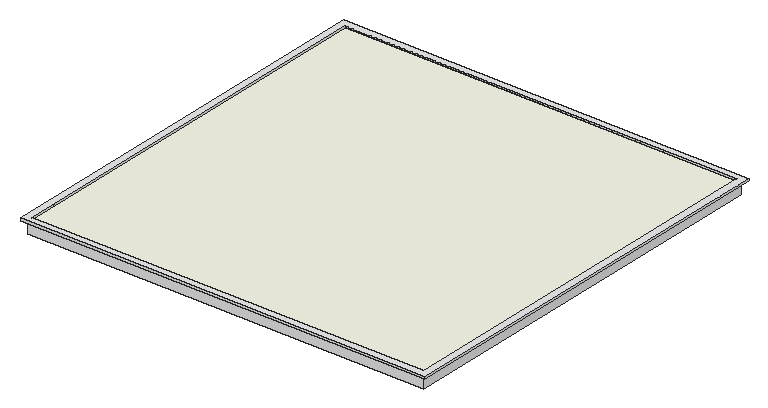
Revit family "Alcon-14001-R-Revit-Family", category Lighting Fixtures, host Face, Revit 2021
Family settings
  Host = Face
  Round Connector Dimension = Use Diameter
  Part Type = Normal
  Cut with Voids When Loaded = Yes
  Light Source = Yes
  Shared = No
  Room Calculation Point = No
Parameters (values of type "2'x2'")
  Width = 2' - 0"
  Wattage = 9.2903 W
  built-in parameter 1150110 = 1 (stored number, unit not read)
  URL = "https://www.alconlighting.com/"
  built-in parameter 1114217 = 1 (stored number, unit not read)
  built-in parameter 1150109 = 1 (stored number, unit not read)
  built-in parameter 1150134 = 3
  built-in parameter 1150113 = 1 (stored number, unit not read)
  Product identity = "Alcon lighting 14001-R"
  Manufacturer = "Alcon Light"
  built-in parameter 1150105 = 439.27 (stored number, unit not read)
  Lumens = 1380 lm
  built-in parameter 1150115 = 1 (stored number, unit not read)
  Link To Product Page = "https://www.alconlighting.com/14001-r.html"
  Light Source Symbol Size = 2' - 0"
  built-in parameter 1150137 = (empty or 0)
  built-in parameter 1150139 = (empty or 0)
  Lens = Lens
  Length = 2' - 0"
  built-in parameter 1150112 = 1 (stored number, unit not read)
  built-in parameter 1150114 = 1 (stored number, unit not read)
  built-in parameter 1150132 = (empty or 0)
  built-in parameter 1150102 = (empty or 0)
  built-in parameter 1150107 = 3200 (stored number, unit not read)
  built-in parameter 1150138 = (empty or 0)
  built-in parameter 1150106 = 4.3927 (stored number, unit not read)
  Housing = Housing
  Emit from Rectangle Width = 2' - 0"
  Emit from Rectangle Length = 2' - 0"
  Emit Shape Visible in Rendering = no
  built-in parameter 1150104 = 13.8 (stored number, unit not read)
  Dimming Lamp Color Temperature Shift = <None>
  Default Elevation = 4' - 0"
  Color Filter = 16777215
  built-in parameter 1114218 = 1 (stored number, unit not read)
  built-in parameter 1150133 = 10 (stored number, unit not read)
Types (4): name | Width | Lens | Length | Housing | Emit from Rectangle Width | Emit from Rectangle Length
  (no name) | 2' - 0" | Lens | 2' - 0" | Housing | 2' - 0" | 2' - 0"
  2'x2' | 2' - 0" | Lens | 2' - 0" | Housing | 2' - 0" | 2' - 0"
  2'x4' | 2' - 0" | none | 4' - 0" | none | 4' - 0" | 2' - 0"
  1'x4' | 1' - 0" | none | 4' - 0" | none | 4' - 0" | 1' - 0"
Reference planes (in)
  plane 1 "Center (Front/Back)": y = 0
  plane 2: z = 0
  plane 3 "Center (Left/Right)": x = 0
  plane 4: x = -12
  plane 5: x = 12
  plane 6: y = 12
  plane 7: y = -12
Forms (in)
  Sweep 1, solid, material "Housing" <- "Housing"
    path origin (0, 0, 0) x (1, 0, 0) y (0, 1, 0)
      loop
        line (-12, -12) -> (12, -12) -> (12, 12) -> (-12, 12) -> (-12, -12)
    profile origin (0, -12, 0) x (0, 1, 0) y (0, 0, 1)
      loop
        line (0, 0) -> (0.25, 0) -> (0.25, -0.70698) -> (0.375, -0.70698) -> (0.375, 0.125) -> (0, 0.125) -> (0, 0)
  Extrusion 2, void
    sketch origin (0, 0, 0) x (1, 0, 0) y (0, 1, 0)
      loop
        line (-12, 12) -> (-12, -12) -> (12, -12) -> (12, 12) -> (-12, 12)
    from -0.70698 to 0.37417
  Extrusion 3, solid, material "Lens" <- "Lens"
    sketch origin (0, 0, 0) x (1, 0, 0) y (0, 1, 0)
      loop
        line (-11.625, 11.625) -> (-11.625, -11.625) -> (11.625, -11.625) -> (11.625, 11.625) -> (-11.625, 11.625)
    from 0 to 0.03125
Dimensions and locks (in)
  equal spacing: plane 4, plane 3 "Center (Left/Right)", plane 5
  equal spacing: plane 7, plane 1 "Center (Front/Back)", plane 6
  "Width": plane 4 to plane 5
  "Length": plane 6 to plane 7
  aligned and locked: plane 2 to host face
  aligned and locked: level to host face
  aligned and locked: Sweep 1 sketch curve to plane 7
  aligned and locked: Sweep 1 sketch curve to plane 4
  aligned and locked: plane 6 to Sweep 1 sketch curve
  aligned and locked: Sweep 1 sketch curve to plane 5
  aligned and locked: Extrusion 2 sketch curve to Sweep 1  (x4)
  aligned and locked: Extrusion 3 sketch curve to Sweep 1  (x4)
Automatic sketch dimensions
  host sketch curve to host sketch curve = 8' - 0"  (x2)
  Sweep 1 sketch curve to level = 0' - 0"
  Sweep 1 sketch curve to profile plane = 0' - 0"
  Sweep 1 sketch curve to profile plane = 0' - 0 1/4"
  level to Sweep 1 sketch curve = 0' - 0 1/8"
  Sweep 1 sketch curve to Sweep 1 sketch curve = 0' - 0 1/8"
  Sweep 1 sketch curve to level = 0' - 0.70698"
